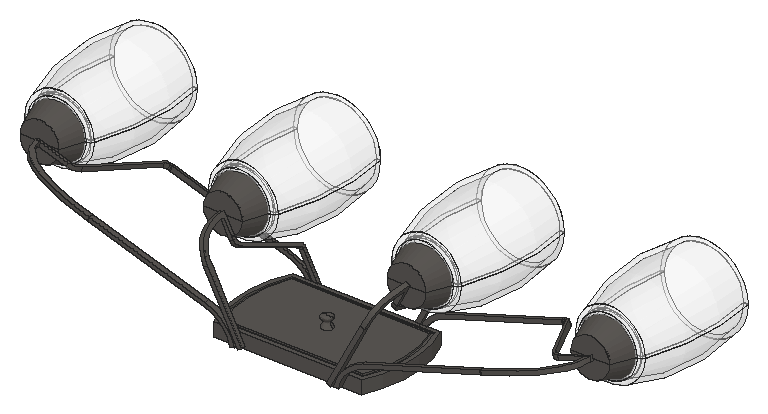
Revit family "P2797-20 4-100W MED BATH BRKT", category Lighting Fixtures, host Face, Revit 2012
Parameters (values of type "P2797-20 4-100W MED BATH BRKT")
  Wattage Comments = "100 W"  # constant formula
  URL = "http://www.progresslighting.com"
  Product Page URL = "https://progresslighting.com/products.aspx?product=P2797-20"
  Product Documentation Link = "https://progresslighting.com/SpecSheets/P2797.pdf"
  Model = "P2797-20 \r\nP2797-20 4-100W MED BATH BRKT\r\nP2797-20\r\nP2796-20"
  Manufacturer Phone = "864-678-1000"  # constant formula
  Manufacturer Fax = "864-678-1065"  # constant formula
  Manufacturer = "Progress Lighting"  # constant formula
  Lamp = "Three"  # constant formula
  Glass = White Etched Glass
  Family = "Wisten"  # constant formula
  Description = "Four-light bracket with etched glass."  # constant formula
  Default Elevation = 48"
  Back Plate = Antique Bronze
Reference planes (in)
  plane 1 "Center (Front/Back)": y = 0
  plane 2: z = 0
  plane 3 "Center (Left/Right)": x = 0
  plane 4: z = 0.6
  plane 5: z = 0.55
  plane 6: y = 2.25
  plane 7: y = -2.25
  plane 8: z = 1.1
  plane 9: y = -0.69145
  plane 10: y = 5.80855
  plane 11: z = 6.25
  plane 12: z = 4.05
  plane 13: through (4.96619, -180, 1.7314) normal (-0.2924, 0, 0.9563)
  plane 14: x = -0.1
  plane 15: x = 0.1
  plane 16: x = -14.75
  plane 17: x = 14.75
  plane 18: x = -12.55
  plane 19: x = 12.55
  plane 20: x = -4.18333
  plane 21: x = 4.18333
  plane 22: through (12.55, -180, 4.05) normal (0.2924, 0, -0.9563)
  plane 23: through (-4.96619, -180, 1.7314) normal (-0.2924, 0, -0.9563)
  plane 24: through (-12.55, -180, 4.05) normal (0.2924, 0, 0.9563)
  plane 25: through (-4.96619, -180, 1.7314) normal (-0.2924, 0, -0.9563)
  plane 26: through (-12.55, -180, 4.05) normal (0.2924, 0, 0.9563)
  plane 27: through (4.20166, -180, 4.08459) normal (0.8829, 0, -0.4695)
Forms (in)
  Extrusion 1, solid, material "Antique Bronze" <- "Back Plate"
    sketch origin (0, 0, 0) x (1, 0, 0) y (0, 1, 0)
      loop
        arc (-3.375, 2.25) -> (-3.875, 0) -> (-3.375, -2.25) r 5.3125
        line (-3.375, -2.25) -> (3.375, -2.25)
        arc (3.375, -2.25) -> (3.89326, 0) -> (3.375, 2.25) r 5.14326
        line (3.375, 2.25) -> (-3.375, 2.25)
    from 0 to 0.6
  Extrusion 2, void
    sketch origin (0, 0, 0) x (1, 0, 0) y (0, 1, 0)
      loop
        arc (-3.24651, 2.05078) -> (-3.67578, 0) -> (-3.24651, -2.05078) r 5.11328
        line (-3.24651, -2.05078) -> (3.24651, -2.05078)
        arc (3.24651, -2.05078) -> (3.69209, 0) -> (3.24651, 2.05078) r 4.94209
        line (3.24651, 2.05078) -> (-3.24651, 2.05078)
      loop
        arc (-3.14843, 1.90234) -> (-3.52734, 0) -> (-3.14843, -1.90234) r 4.96484
        line (-3.14843, -1.90234) -> (3.14843, -1.90234)
        arc (3.14843, -1.90234) -> (3.54219, 0) -> (3.14843, 1.90234) r 4.79219
        line (3.14843, 1.90234) -> (-3.14843, 1.90234)
    from 0.55 to 0.6
  Revolve 3, solid, material "Antique Bronze" <- "Back Plate"
    sketch origin (0, 0, 0) x (1, 0, 0) y (0, 0, 1)
      loop
        line (0, 0.6) -> (0, 1.1)
        spline (0, 1.1) -> (-0.1479, 1.083) -> (-0.22595, 1.05418) -> (-0.25007, 1.01719) -> (-0.23614, 0.97571) -> (-0.20009, 0.9334) -> (-0.15783, 0.89393) -> (-0.12509, 0.86086) -> (-0.11114, 0.83274) -> (-0.11632, 0.80132) -> (-0.14035, 0.75788) -> (-0.18296, 0.69368) -> (-0.24387, 0.6)
        line (-0.24387, 0.6) -> (0, 0.6)
      axis (0, 1.1) -> (0, 0.6)
    angle from 0 to 360
  Extrusion 4, solid, material "Antique Bronze" <- "Back Plate"
    sketch origin (0, 0, 0) x (1, 0, 0) y (0, 0, 1)
      loop
        line (8.89941, 3.04011) -> (3.57754, 1.41305)
        arc (3.57754, 1.41305) -> (2.72938, 0.88306) -> (2.25985, 0) r 1.9321
        line (2.25985, 0) -> (2.46897, 0)
        arc (2.46897, 0) -> (2.8941, 0.76162) -> (3.63692, 1.2188) r 1.72897
        line (3.63692, 1.2188) -> (8.9588, 2.84586) -> (8.89941, 3.04011)
    from 2.25 to 2.44521
  Sweep 5, solid, material "Antique Bronze" <- "Back Plate"
    path origin (8.9291, -180, 2.94298) x (-0.956305, 0, -0.292372) y (0, -1, 0)
      loop
        line (0, -182.30741) -> (-0.09395, -182.30741)
        arc (-0.09395, -182.30741) -> (-0.22977, -182.27165) -> (-0.33037, -182.17365) r 0.27582
        line (-0.33037, -182.17365) -> (-1.94141, -179.49244)
        arc (-1.94141, -179.49244) -> (-2.12378, -179.31478) -> (-2.36999, -179.24995) r 0.5
        line (-2.36999, -179.24995) -> (-3.89577, -179.24995)
    profile origin (8.97402, 2.30741, 2.95671) x (0, 1, 0) y (-0.292372, 0, 0.956305)
      loop
        line (0.05741, 0.10156) -> (-0.05741, 0.10156) -> (-0.05741, -0.10156) -> (0.05741, -0.10156) -> (0.05741, 0.10156)
  Sweep 6, solid, material "Antique Bronze" <- "Back Plate"
    path origin (8.93147, -180, 2.9437) x (-0.956305, 0, -0.292372) y (0, -1, 0)
      loop
        spline (0, -177.65239) -> (-0.44468, -177.65795) -> (-0.89102, -177.6765) -> (-1.33151, -177.71084) -> (-1.75867, -177.76376) -> (-2.16498, -177.83808) -> (-2.54296, -177.93659) -> (-2.8851, -178.06209) -> (-3.1839, -178.21739) -> (-3.43188, -178.40528) -> (-3.62151, -178.62857) -> (-3.74532, -178.89006) -> (-3.7958, -179.19254)
    profile origin (11.36332, -2.06341, 3.68719) x (-0.282083, 0.955506, -0.086241) y (-0.292372, 0, 0.956305)
      loop
        line (0.09764, 0.10156) -> (-0.09756, 0.10156) -> (-0.09756, -0.10156) -> (0.09764, -0.10156) -> (0.09764, 0.10156)
  Sweep 7, solid, material "Antique Bronze" <- "Back Plate"
    path origin (-8.9291, -180, 2.94298) x (0.956305, 0, -0.292372) y (0, -1, 0)
      loop
        line (0, -182.30741) -> (-0.09395, -182.30741)
        arc (-0.09395, -182.30741) -> (-0.22977, -182.27165) -> (-0.33037, -182.17365) r 0.27582
        line (-0.33037, -182.17365) -> (-1.94141, -179.49244)
        arc (-1.94141, -179.49244) -> (-2.12378, -179.31478) -> (-2.36999, -179.24995) r 0.5
        line (-2.36999, -179.24995) -> (-3.89577, -179.24995)
    profile origin (-8.97402, 2.30741, 2.95671) x (0, -1, 0) y (0.292372, 0, 0.956305)
      loop
        line (-0.05741, 0.10156) -> (-0.05741, -0.10156) -> (0.05741, -0.10156) -> (0.05741, 0.10156) -> (-0.05741, 0.10156)
  Sweep 8, solid, material "Antique Bronze" <- "Back Plate"
    path origin (-8.93147, -180, 2.9437) x (0.956305, 0, -0.292372) y (0, -1, 0)
      loop
        spline (0, -177.65239) -> (-0.44468, -177.65795) -> (-0.89102, -177.6765) -> (-1.33151, -177.71084) -> (-1.75867, -177.76376) -> (-2.16498, -177.83808) -> (-2.54296, -177.93659) -> (-2.8851, -178.06209) -> (-3.1839, -178.21739) -> (-3.43188, -178.40528) -> (-3.62151, -178.62857) -> (-3.74532, -178.89006) -> (-3.7958, -179.19254)
    profile origin (-11.36332, -2.06341, 3.68719) x (-0.282083, -0.955506, 0.086241) y (0.292372, 0, 0.956305)
      loop
        line (-0.09764, 0.10156) -> (-0.09764, -0.10156) -> (0.09756, -0.10156) -> (0.09756, 0.10156) -> (-0.09764, 0.10156)
  Extrusion 9, solid, material "Antique Bronze" <- "Back Plate"
    sketch origin (0, 0, 0) x (-1, 0, 0) y (0, 0, -1)
      loop
        line (8.90178, -3.04083) -> (8.96117, -2.84658) -> (3.63692, -1.2188)
        arc (3.63692, -1.2188) -> (2.8941, -0.76162) -> (2.46897, 0) r 1.72897
        line (2.46897, 0) -> (2.25985, 0)
        arc (2.25985, 0) -> (2.72938, -0.88306) -> (3.57754, -1.41305) r 1.9321
        line (3.57754, -1.41305) -> (8.90178, -3.04083)
    from 2.25 to 2.44521
  Extrusion 10, solid, material "Antique Bronze" <- "Back Plate"
    sketch origin (0, 0, 0) x (-1, 0, 0) y (0, 0, 1)
      loop
        line (8.89941, 3.04011) -> (3.57754, 1.41305)
        arc (3.57754, 1.41305) -> (2.72938, 0.88306) -> (2.25985, 0) r 1.9321
        line (2.25985, 0) -> (2.46897, 0)
        arc (2.46897, 0) -> (2.8941, 0.76162) -> (3.63692, 1.2188) r 1.72897
        line (3.63692, 1.2188) -> (8.9588, 2.84586) -> (8.89941, 3.04011)
    from 2.25 to 2.36482
  Extrusion 11, solid, material "Antique Bronze" <- "Back Plate"
    sketch origin (0, 0, 0) x (1, 0, 0) y (0, 0, -1)
      loop
        line (8.89941, -3.04011) -> (8.9588, -2.84586) -> (3.63692, -1.2188)
        arc (3.63692, -1.2188) -> (2.8941, -0.76162) -> (2.46897, 0) r 1.72897
        line (2.46897, 0) -> (2.25985, 0)
        arc (2.25985, 0) -> (2.72938, -0.88306) -> (3.57754, -1.41305) r 1.9321
        line (3.57754, -1.41305) -> (8.89941, -3.04011)
    from 2.25 to 2.36482
  Extrusion 12, solid, material "Antique Bronze" <- "Back Plate"
    sketch origin (4.19986, -180, 4.08121) x (0.469472, 0, 0.882948) y (0, -1, 0)
      loop
        line (-1.34548, -177.55479) -> (-4.58801, -177.55479) -> (-4.58801, -177.75) -> (-2.57016, -177.75) -> (-1.3642, -177.75)
        spline (-1.3642, -177.75) -> (-1.15619, -177.75686) -> (-0.9694, -177.79132) -> (-0.80324, -177.85128) -> (-0.65711, -177.93465) -> (-0.53041, -178.03933) -> (-0.42255, -178.16322) -> (-0.33292, -178.30422) -> (-0.26092, -178.46024) -> (-0.20597, -178.62918) -> (-0.16746, -178.80894) -> (-0.14479, -178.99743) -> (-0.13737, -179.19254)
        line (-0.13737, -179.19254) -> (-1.04425, -179.19254)
        spline (-1.04425, -179.19254) -> (-1.07803, -179.19459) -> (-1.11156, -179.20073) -> (-1.1446, -179.21091) -> (-1.1769, -179.22506) -> (-1.20822, -179.24307) -> (-1.23834, -179.26481) -> (-1.26703, -179.29012) -> (-1.29407, -179.31881) -> (-1.31928, -179.35068) -> (-1.34247, -179.38548) -> (-1.36346, -179.42297) -> (-1.3821, -179.46287)
        line (-1.3821, -179.46287) -> (-2.52128, -182.14408)
        spline (-2.52128, -182.14408) -> (-2.52858, -182.15971) -> (-2.53681, -182.1744) -> (-2.54589, -182.18804) -> (-2.55577, -182.20052) -> (-2.56637, -182.21177) -> (-2.57761, -182.22168) -> (-2.58941, -182.2302) -> (-2.60168, -182.23726) -> (-2.61434, -182.2428) -> (-2.62728, -182.24679) -> (-2.64042, -182.2492) -> (-2.65366, -182.25)
        line (-2.65366, -182.25) -> (-4.588, -182.25) -> (-4.588, -182.36482) -> (-2.5978, -182.36482)
        spline (-2.5978, -182.36482) -> (-2.57733, -182.36352) -> (-2.55702, -182.35963) -> (-2.53701, -182.35317) -> (-2.51747, -182.3442) -> (-2.49854, -182.33278) -> (-2.48037, -182.319) -> (-2.46309, -182.30296) -> (-2.44684, -182.2848) -> (-2.43173, -182.26464) -> (-2.41789, -182.24264) -> (-2.40542, -182.21897) -> (-2.39442, -182.1938)
        line (-2.39442, -182.1938) -> (-1.26142, -179.51951)
        arc (-1.26142, -179.51951) -> (-1.13373, -179.36606) -> (-0.94257, -179.30855) r 0.34644
        line (-0.94257, -179.30855) -> (0.07469, -179.30855)
        spline (0.07469, -179.30855) -> (0.07454, -179.09061) -> (0.05688, -178.8772) -> (0.02042, -178.67006) -> (-0.03621, -178.47111) -> (-0.11472, -178.28299) -> (-0.21686, -178.10853) -> (-0.34422, -177.95087) -> (-0.49745, -177.81439) -> (-0.67587, -177.70358) -> (-0.87767, -177.62222) -> (-1.10135, -177.57216) -> (-1.34548, -177.55479)
    from -0.1025 to 0.1025
  Extrusion 13, solid, material "Antique Bronze" <- "Back Plate"
    sketch origin (-4.19986, -180, 4.08121) x (-0.469472, 0, 0.882948) y (0, 1, 0)
      loop
        spline (-1.34548, 177.55479) -> (-1.10135, 177.57216) -> (-0.87767, 177.62222) -> (-0.67587, 177.70358) -> (-0.49745, 177.81439) -> (-0.34422, 177.95087) -> (-0.21686, 178.10853) -> (-0.11472, 178.28299) -> (-0.03621, 178.47111) -> (0.02042, 178.67006) -> (0.05688, 178.8772) -> (0.07454, 179.09061) -> (0.07469, 179.30855)
        line (0.07469, 179.30855) -> (-0.94257, 179.30855)
        arc (-0.94257, 179.30855) -> (-1.13373, 179.36606) -> (-1.26142, 179.51951) r 0.34644
        line (-1.26142, 179.51951) -> (-2.39442, 182.1938)
        spline (-2.39442, 182.1938) -> (-2.40542, 182.21897) -> (-2.41789, 182.24264) -> (-2.43173, 182.26464) -> (-2.44684, 182.2848) -> (-2.46309, 182.30296) -> (-2.48037, 182.319) -> (-2.49854, 182.33278) -> (-2.51747, 182.3442) -> (-2.53701, 182.35317) -> (-2.55702, 182.35963) -> (-2.57733, 182.36352) -> (-2.5978, 182.36482)
        line (-2.5978, 182.36482) -> (-4.588, 182.36482) -> (-4.588, 182.25) -> (-2.65366, 182.25)
        spline (-2.65366, 182.25) -> (-2.64042, 182.2492) -> (-2.62728, 182.24679) -> (-2.61434, 182.2428) -> (-2.60168, 182.23726) -> (-2.58941, 182.2302) -> (-2.57761, 182.22168) -> (-2.56637, 182.21177) -> (-2.55577, 182.20052) -> (-2.54589, 182.18804) -> (-2.53681, 182.1744) -> (-2.52858, 182.15971) -> (-2.52128, 182.14408)
        line (-2.52128, 182.14408) -> (-1.3821, 179.46287)
        spline (-1.3821, 179.46287) -> (-1.36346, 179.42297) -> (-1.34247, 179.38548) -> (-1.31928, 179.35068) -> (-1.29407, 179.31881) -> (-1.26703, 179.29012) -> (-1.23834, 179.26481) -> (-1.20822, 179.24307) -> (-1.1769, 179.22506) -> (-1.1446, 179.21091) -> (-1.11156, 179.20073) -> (-1.07803, 179.19459) -> (-1.04425, 179.19254)
        line (-1.04425, 179.19254) -> (-0.13737, 179.19254)
        spline (-0.13737, 179.19254) -> (-0.14479, 178.99743) -> (-0.16746, 178.80894) -> (-0.20597, 178.62918) -> (-0.26092, 178.46024) -> (-0.33292, 178.30422) -> (-0.42255, 178.16322) -> (-0.53041, 178.03933) -> (-0.65711, 177.93465) -> (-0.80324, 177.85128) -> (-0.9694, 177.79132) -> (-1.15619, 177.75686) -> (-1.3642, 177.75)
        line (-1.3642, 177.75) -> (-2.57016, 177.75) -> (-4.58801, 177.75) -> (-4.58801, 177.55479) -> (-1.34548, 177.55479)
    from -0.1025 to 0.1025
Cuts and joins
  Extrusion 2 cuts Extrusion 1
Lines and regions (in)
  reference lines
    curve 1: line (-3.375, 2.25, 0) -> (3.375, 2.25, 0)
    curve 2: arc (3.375, 2.25, 0) -> (3.89326, 0, 0) -> (3.375, -2.25, 0) r 5.14326
    curve 3: line (3.375, -2.25, 0) -> (-3.375, -2.25, 0)
    curve 4: arc (-3.375, -2.25, 0) -> (-3.875, 0, 0) -> (-3.375, 2.25, 0) r 5.3125
    curve 5: line (-3.24651, 2.05078, 0) -> (3.24651, 2.05078, 0)
    curve 6: arc (-3.24651, -2.05078, 0) -> (-3.67578, 0, 0) -> (-3.24651, 2.05078, 0) r 5.11328
    curve 7: line (3.24651, -2.05078, 0) -> (-3.24651, -2.05078, 0)
    curve 8: arc (3.24651, 2.05078, 0) -> (3.69209, 0, 0) -> (3.24651, -2.05078, 0) r 4.94209
    curve 9: line (-3.14843, 1.90234, 0) -> (3.14843, 1.90234, 0)
    curve 10: arc (-3.14843, -1.90234, 0) -> (-3.52734, 0, 0) -> (-3.14843, 1.90234, 0) r 4.96484
    curve 11: line (3.14843, -1.90234, 0) -> (-3.14843, -1.90234, 0)
    curve 12: arc (3.14843, 1.90234, 0) -> (3.54219, 0, 0) -> (3.14843, -1.90234, 0) r 4.79219
Dimensions and locks (in)
  locked: plane 2 to plane 4 at 0.6
  plane 2 to plane 5 to plane 4 = 0.55", 0.05"
  locked: plane 6 to plane 1 "Center (Front/Back)" at 2.25
  locked: plane 7 to plane 1 "Center (Front/Back)" at 2.25
  locked: plane 10 to plane 7 at 8.05855
  locked: plane 11 to host face at 6.25
  plane 8 to plane 12 to plane 11 = 2.95" locked, 2.2" locked
  equal spacing: plane 15, plane 3 "Center (Left/Right)", plane 14, locked at 0.1 each
  plane 17 to plane 3 "Center (Left/Right)" to plane 16 = 14 3/4", 14 3/4"
  equal spacing: plane 19, plane 3 "Center (Left/Right)", plane 18, locked at 12.55 each
  equal spacing: plane 19, plane 21, plane 20, plane 18, locked at 8.36667 each
  locked: Extrusion 4 sketch curve to Extrusion 4 sketch curve at 0.20312
  locked: Extrusion 9 sketch curve to Extrusion 9 sketch curve at 0.20312
  locked: Extrusion 10 sketch curve to Extrusion 10 sketch curve at 0.20312
  locked: Extrusion 11 sketch curve to Extrusion 11 sketch curve at 0.20312
  locked: host face to plane 22 (angle 17.00°)
  locked: host face to plane 27 (angle 62.00°)
  aligned and locked: plane 2 to host face
  aligned and locked: level to host face
  aligned and locked: Extrusion 1 sketch curve to curve 4
  aligned and locked: Extrusion 1 sketch curve to curve 2
  aligned and locked: plane 4 to Extrusion 1
  aligned and locked: Extrusion 2 sketch curve to curve 6
  aligned and locked: Extrusion 2 sketch curve to curve 8
  aligned and locked: Extrusion 2 sketch curve to curve 12
  aligned and locked: Extrusion 2 sketch curve to curve 10
  aligned and locked: Extrusion 2 to plane 5
  aligned and locked: Extrusion 1 to Extrusion 2
  aligned and locked: Extrusion 4 to curve 3
  aligned and locked: Sweep 5 to Sweep 6
  aligned and locked: Sweep 5 to Extrusion 4  (x2)
  aligned and locked: Sweep 8 to Sweep 7
  aligned and locked: Extrusion 4 sketch curve to level
  aligned and locked: Extrusion 4 to host face
  aligned and locked: Sweep 6 to Extrusion 4
  aligned and locked: Extrusion 9 to level
  aligned and locked: Extrusion 9 to Sweep 8  (x2)
  aligned and locked: Extrusion 9 to Sweep 7
  aligned and locked: Sweep 5 to Extrusion 10
  aligned and locked: Extrusion 10 to level
  aligned and locked: Extrusion 10 to plane 6
  aligned and locked: Extrusion 10 to Sweep 7
  aligned and locked: Extrusion 11 to level
  aligned and locked: Extrusion 11 to Extrusion 4
  aligned and locked: Extrusion 11 to Sweep 5
  aligned and locked: Extrusion 11 to curve 1
  aligned and locked: Extrusion 12 sketch curve to Extrusion 12 sketch curve
  aligned and locked: Extrusion 4 to Extrusion 12 sketch curve
  aligned and locked: Extrusion 12 sketch curve to cut or joined group of Extrusion 1, Extrusion 2
  aligned and locked: Sweep 5 to Extrusion 12 sketch curve
  aligned and locked: Extrusion 11 to Extrusion 12 sketch curve
  aligned and locked: Extrusion 13 sketch curve to Extrusion 13 sketch curve
  aligned and locked: nested 4 to plane 9
  aligned and locked: plane 18 to nested 1
  aligned and locked: plane 20 to nested 2
  aligned and locked: plane 21 to nested 3
  aligned and locked: nested 4 to plane 19
  aligned and locked: plane 12 to nested 4
  aligned and locked: Extrusion 10 to cut or joined group of Extrusion 1, Extrusion 2
Automatic sketch dimensions
  host sketch curve to host sketch curve = 96"  (x2)
  curve 2 to curve 8 = 0"  (x2)
  curve 2 to curve 12 = 0"  (x2)
  curve 4 to curve 6 = 0"  (x2)
  curve 4 to curve 10 = 0"  (x2)
  curve 6 to curve 10 = 0"  (x2)
  curve 8 to curve 12 = 0"  (x2)
  plane 7 to curve 4 = 0"
  curve 4 to plane 6 = 0"
  plane 1 "Center (Front/Back)" to curve 8 = 0"
  plane 1 "Center (Front/Back)" to curve 10 = 0"
  plane 20 to curve 4 = 0.80833"
  curve 4 to curve 5 = 0.12849"
  curve 6 to plane 7 = 51/256"
  curve 3 to curve 6 = 0.12849"
  curve 7 to curve 10 = 0.09808"
  curve 6 to curve 10 = 0.09808"
  curve 8 to plane 14 = 1.15"
  plane 15 to curve 10 = 1.3375"
  curve 11 to plane 7 = 89/256"
  curve 11 to plane 21 = 1.0349"
  curve 9 to curve 8 = 0.09808"
  curve 5 to curve 2 = 0.12849"
  Extrusion 1 sketch curve to plane 6 = 0"
  plane 7 to Extrusion 1 sketch curve = 0"
  Extrusion 2 sketch curve to plane 6 = 89/256"
  Extrusion 2 sketch curve to plane 7 = 89/256"
  Extrusion 2 sketch curve to Extrusion 2 sketch curve = 0.09808"  (x2)
  Revolve 3 sketch curve to plane 4 = 0"  (x2)
  Revolve 3 sketch curve to plane 3 "Center (Left/Right)" = 0"  (x2)
  Revolve 3 sketch curve to plane 8 = 0"  (x2)
  Revolve 3 sketch curve to plane 14 = 0.14387"
  Extrusion 4 sketch curve to Extrusion 4 sketch curve = 0"  (x2)
  Extrusion 4 sketch curve to level = 0"
  Extrusion 4 sketch curve to plane 21 = 1.92348"
  Extrusion 4 sketch curve to Extrusion 4 sketch curve = 0.20912"
  plane 8 to Extrusion 4 sketch curve = 0.31305"
  Extrusion 4 sketch curve to plane 21 = 0.6058"
  plane 8 to Extrusion 4 sketch curve = 0.1188"
  Extrusion 4 sketch curve to plane 12 = 1.00989"
  plane 19 to Extrusion 4 sketch curve = 3.65059"
  Sweep 5 sketch curve to plane 9 = 15/256"
  Sweep 5 sketch curve to Sweep 5 sketch curve = 1.52578"
  plane 9 to Sweep 5 sketch curve = 0.18389"
  Sweep 5 sketch curve to Sweep 5 sketch curve = 0.42858"
  Sweep 5 sketch curve to plane 6 = 0.07635"
  Sweep 5 sketch curve to Sweep 5 sketch curve = 1.61104"
  Sweep 5 sketch curve to Sweep 5 sketch curve = 0.23642"
  Sweep 5 sketch curve to Sweep 5 sketch curve = 0.09395"
  plane 6 to Sweep 5 sketch curve = 0.05741"
  profile plane to Sweep 5 sketch curve = 0.05741"
  Sweep 5 sketch curve to profile plane = 0.05741"
  Sweep 5 sketch curve to plane 13 = 13/128"
  plane 13 to Sweep 5 sketch curve = 13/128"
  Sweep 6 sketch curve to plane 9 = 0.11601"
  plane 7 to Sweep 6 sketch curve = 0.09761"
  Sweep 6 sketch curve to Sweep 6 sketch curve = 3.7958"
  profile plane to Sweep 6 sketch curve = 0.09756"
  Sweep 6 sketch curve to profile plane = 25/256"
  Sweep 6 sketch curve to plane 13 = 13/128"
  plane 13 to Sweep 6 sketch curve = 13/128"
  plane 9 to Sweep 7 sketch curve = 15/256"
  Sweep 7 sketch curve to Sweep 7 sketch curve = 1.52578"
  Sweep 7 sketch curve to plane 9 = 0.18389"
  Sweep 7 sketch curve to Sweep 7 sketch curve = 0.42858"
  plane 6 to Sweep 7 sketch curve = 0.07635"
  Sweep 7 sketch curve to Sweep 7 sketch curve = 1.61104"
  Sweep 7 sketch curve to Sweep 7 sketch curve = 0.23642"
  Sweep 7 sketch curve to Sweep 7 sketch curve = 0.09395"
  Sweep 7 sketch curve to plane 6 = 0.05741"
  profile plane to Sweep 7 sketch curve = 0.05741"
  Sweep 7 sketch curve to profile plane = 0.05741"
  Sweep 7 sketch curve to plane 25 = 13/128"
  plane 25 to Sweep 7 sketch curve = 13/128"
  plane 9 to Sweep 8 sketch curve = 0.11601"
  Sweep 8 sketch curve to plane 7 = 0.09761"
  Sweep 8 sketch curve to Sweep 8 sketch curve = 3.7958"
  profile plane to Sweep 8 sketch curve = 25/256"
  Sweep 8 sketch curve to profile plane = 0.09756"
  Sweep 8 sketch curve to plane 25 = 13/128"
  plane 25 to Sweep 8 sketch curve = 13/128"
  Extrusion 9 sketch curve to Extrusion 9 sketch curve = 0"  (x2)
  Extrusion 9 sketch curve to level = 0"  (x2)
  Extrusion 9 sketch curve to plane 20 = 1.92348"
  Extrusion 9 sketch curve to Extrusion 9 sketch curve = 0.20912"
  Extrusion 9 sketch curve to plane 8 = 0.31305"
  Extrusion 9 sketch curve to plane 20 = 0.6058"
  Extrusion 9 sketch curve to plane 8 = 0.1188"
  plane 12 to Extrusion 9 sketch curve = 1.00917"
  Extrusion 9 sketch curve to plane 18 = 3.64822"
  Extrusion 10 sketch curve to Extrusion 10 sketch curve = 0"  (x2)
  Extrusion 10 sketch curve to level = 0"  (x2)
  plane 20 to Extrusion 10 sketch curve = 1.92348"
  Extrusion 10 sketch curve to Extrusion 10 sketch curve = 0.20912"
  plane 8 to Extrusion 10 sketch curve = 0.31305"
  plane 20 to Extrusion 10 sketch curve = 0.6058"
  plane 8 to Extrusion 10 sketch curve = 0.1188"
  Extrusion 10 sketch curve to plane 12 = 1.00989"
  plane 18 to Extrusion 10 sketch curve = 3.65059"
  Extrusion 11 sketch curve to Extrusion 11 sketch curve = 0"  (x2)
  Extrusion 11 sketch curve to level = 0"  (x2)
  Extrusion 11 sketch curve to plane 21 = 1.92348"
  Extrusion 11 sketch curve to Extrusion 11 sketch curve = 0.20912"
  plane 8 to Extrusion 11 sketch curve = 0.31305"
  Extrusion 11 sketch curve to plane 21 = 0.6058"
  plane 8 to Extrusion 11 sketch curve = 0.1188"
  Extrusion 11 sketch curve to plane 12 = 1.00989"
  plane 19 to Extrusion 11 sketch curve = 3.65059"
  plane 9 to Extrusion 12 sketch curve = 0"
  plane 6 to Extrusion 12 sketch curve = 0.11482"
  Extrusion 12 sketch curve to Extrusion 12 sketch curve = 0"
  Extrusion 12 sketch curve to Extrusion 12 sketch curve = 1.93434"
  Extrusion 12 sketch curve to Extrusion 12 sketch curve = 0.05586"
  Extrusion 12 sketch curve to Extrusion 12 sketch curve = 2.01785"
  Extrusion 12 sketch curve to plane 6 = 0.10592"
  Extrusion 12 sketch curve to Extrusion 12 sketch curve = 0.07652"
  Extrusion 12 sketch curve to plane 6 = 0.0562"
  Extrusion 12 sketch curve to Extrusion 12 sketch curve = 0.12686"
  plane 9 to Extrusion 12 sketch curve = 0.15432"
  Extrusion 12 sketch curve to Extrusion 12 sketch curve = 1.18806"
  Extrusion 12 sketch curve to Extrusion 12 sketch curve = 1.20596"
  Extrusion 12 sketch curve to Extrusion 12 sketch curve = 0.01872"
  plane 9 to Extrusion 12 sketch curve = 0.21097"
  Extrusion 12 sketch curve to Extrusion 12 sketch curve = 0.12069"
  Extrusion 12 sketch curve to Extrusion 12 sketch curve = 0.21717"
  Extrusion 12 sketch curve to Extrusion 12 sketch curve = 0.10169"
  Extrusion 12 sketch curve to Extrusion 12 sketch curve = 0.8052"
  Extrusion 12 sketch curve to Extrusion 12 sketch curve = 0.21205"
  Extrusion 12 sketch curve to Extrusion 12 sketch curve = 0.11249"
  Extrusion 12 sketch curve to Extrusion 12 sketch curve = 0.00871"
  Extrusion 12 sketch curve to Extrusion 12 sketch curve = 0.09497"
  Extrusion 13 sketch curve to plane 7 = 0"
  plane 6 to Extrusion 13 sketch curve = 0"
  plane 9 to Extrusion 13 sketch curve = 0"
  plane 7 to Extrusion 13 sketch curve = 0.19521"
  plane 6 to Extrusion 13 sketch curve = 0.11482"
  Extrusion 13 sketch curve to Extrusion 13 sketch curve = 0"
  Extrusion 13 sketch curve to Extrusion 13 sketch curve = 1.93434"
  Extrusion 13 sketch curve to Extrusion 13 sketch curve = 0.05586"
  Extrusion 13 sketch curve to Extrusion 13 sketch curve = 2.01785"
  Extrusion 13 sketch curve to plane 6 = 0.10592"
  Extrusion 13 sketch curve to Extrusion 13 sketch curve = 0.07652"
  Extrusion 13 sketch curve to plane 6 = 0.0562"
  Extrusion 13 sketch curve to Extrusion 13 sketch curve = 0.12686"
  plane 9 to Extrusion 13 sketch curve = 0.15432"
  Extrusion 13 sketch curve to Extrusion 13 sketch curve = 1.18806"
  Extrusion 13 sketch curve to Extrusion 13 sketch curve = 1.20596"
  Extrusion 13 sketch curve to Extrusion 13 sketch curve = 0.01872"
  plane 9 to Extrusion 13 sketch curve = 0.21097"
  Extrusion 13 sketch curve to Extrusion 13 sketch curve = 0.12069"
  Extrusion 13 sketch curve to Extrusion 13 sketch curve = 0.21717"
  Extrusion 13 sketch curve to Extrusion 13 sketch curve = 0.10169"
  Extrusion 13 sketch curve to plane 9 = 0.11601"
  Extrusion 13 sketch curve to Extrusion 13 sketch curve = 0.8052"
  Extrusion 13 sketch curve to Extrusion 13 sketch curve = 0.21205"
  Extrusion 13 sketch curve to Extrusion 13 sketch curve = 0.09497"
  Extrusion 13 sketch curve to Extrusion 13 sketch curve = 0.1212"
  Extrusion 13 sketch curve to Extrusion 13 sketch curve = 0.00871"
Nested families (in)
  nested 1: "Light P2794" at (-12.55, -0.69145, 4.05), type "Light P2794"
  nested 2: "Light P2794" at (-4.18333, -0.69145, 4.05), type "Light P2794"
  nested 3: "Light P2794" at (4.18333, -0.69145, 4.05), type "Light P2794"
  nested 4: "Light P2794" at (12.55, -0.69145, 4.05), type "Light P2794"
Connectors (in)
  electrical at (0, 0, 0), driven by "Description"
    settings: on cut or joined group of Extrusion 1, Extrusion 2, index 1, voltage 0 V, apparent load 0 VA, apparent load phase1 0 VA, apparent load phase2 0 VA, apparent load phase3 0 VA, power factor 1, load classification "Other", number of poles 1, system type 30, power factor state 1, is connector primary yes, connector utility no, sub classification motor no, connector description "Four-light bracket with etched glass."
Definition of nested family "Light P2794"
  Parameters (values of type "Light P2794")
    Wattage = 9.2903 W
    built-in parameter 1150110 = 1 (stored number, unit not read)
    built-in parameter 1114217 = 1 (stored number, unit not read)
    built-in parameter 1150109 = 1 (stored number, unit not read)
    built-in parameter 1150134 = 3
    built-in parameter 1150113 = 1 (stored number, unit not read)
    built-in parameter 1150105 = 109.82 (stored number, unit not read)
    Lumens = 1380 lm
    built-in parameter 1150115 = 1 (stored number, unit not read)
    Light Source Symbol Size = 4"
    built-in parameter 1150137 = (empty or 0)
    built-in parameter 1150139 = (empty or 0)
    built-in parameter 1150112 = 1 (stored number, unit not read)
    built-in parameter 1150114 = 1 (stored number, unit not read)
    built-in parameter 1150132 = (empty or 0)
    built-in parameter 1150102 = (empty or 0)
    built-in parameter 1150107 = 3200 (stored number, unit not read)
    built-in parameter 1150138 = (empty or 0)
    built-in parameter 1150106 = 1.0982 (stored number, unit not read)
    Glass = White Etched Glass
    built-in parameter 1150104 = 13.8 (stored number, unit not read)
    Dimming Lamp Color Temperature Shift = (empty or 0)
    Color Filter = 16777215
    built-in parameter 1114218 = 1 (stored number, unit not read)
    Back Plate = Antique Bronze
    built-in parameter 1150133 = 10 (stored number, unit not read)
  Reference planes (in)
    plane 1 "Center (Front/Back)": y = 0
    plane 2: z = 0
    plane 3 "Center (Left/Right)": x = 0
    plane 4: y = 6.5
    plane 5: y = 1
    plane 6: x = 2
    plane 7: x = 2.2
    plane 8: x = 1.25
  Forms (in)
    Revolve 1, solid, material "White Etched Glass" <- "Glass"
      sketch origin (0, 0, 0) x (1, 0, 0) y (0, 1, 0)
        loop
          arc (1.79522, 6.5) -> (1.97746, 3.83687) -> (1.39465, 1.23191) r 9.28693
          arc (1.39465, 1.23191) -> (1.37601, 1.20818) -> (1.3472, 1.19922) r 0.05078
          line (1.3472, 1.19922) -> (0, 1.19922) -> (0, 1) -> (1.3472, 1)
          arc (1.3472, 1) -> (1.48903, 1.04412) -> (1.58079, 1.16092) r 0.25
          arc (1.58079, 1.16092) -> (2.17445, 3.80034) -> (1.99893, 6.5) r 9.48615
          line (1.99893, 6.5) -> (1.79522, 6.5)
        axis (0, 1) -> (0, 6.5)
      angle from 0 to 360
    Revolve 2, solid, material "Antique Bronze" <- "Back Plate"
      sketch origin (0, 0, 0) x (1, 0, 0) y (0, 1, 0)
        loop
          line (1.25, 1) -> (0, 1) -> (0, 0) -> (0.88603, 0) -> (1.25, 1)
        axis (0, 1) -> (0, 0)
      angle from 0 to 360
  Dimensions and locks (in)
    plane 1 "Center (Front/Back)" to plane 5 to plane 4 = 1" locked, 5 1/2" locked
    locked: plane 7 to plane 6 at 0.2
    plane 3 "Center (Left/Right)" to plane 6 = 2"
    locked: Revolve 1 sketch curve to Revolve 1 sketch curve at 0.19922
    radius of Revolve 1 sketch curve = 9.28693"
    aligned and locked: level to plane 2
    aligned and locked: plane 5 to Revolve 1 sketch curve
    aligned and locked: Revolve 2 sketch curve to plane 3 "Center (Left/Right)"
    aligned and locked: Revolve 2 sketch curve to plane 5
    aligned and locked: Revolve 2 sketch curve to Revolve 2 sketch curve
    aligned and locked: plane 3 "Center (Left/Right)" to Revolve 1 sketch curve
    aligned and locked: Revolve 1 sketch curve to plane 4
    aligned and locked: plane 4 to Revolve 1 sketch curve  (x2)
    aligned and locked: Revolve 2 to plane 1 "Center (Front/Back)"
    aligned and locked: plane 5 to Revolve 2
    aligned and locked: plane 3 "Center (Left/Right)" to imposter light
    aligned and locked: level to imposter light
